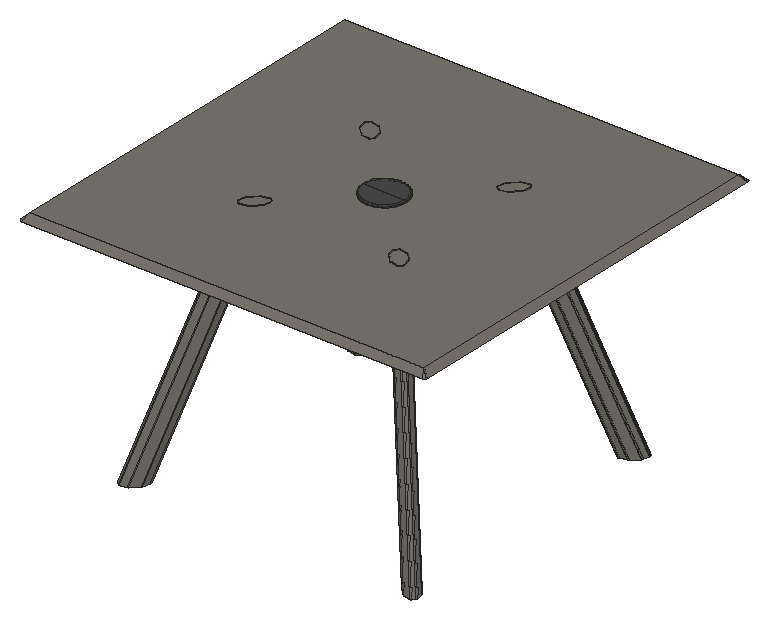
Revit family "Table-Square-Teknion-STBSQ_Qui_With_Power-R2014", category Furniture, Revit 2014
Parameters (values of type "25.5" High")
  Width = 42.000"
  Warranty = "https://d2r72yk5wmppdj.cloudfront.net/m/3754bc876d846fdf/StudioTK--Warranty.pdf"
  Voltage = 125 V  # constant formula
  Unit Weight = 85.00 lbf  # constant formula
  URL = "www.studiotk.com"
  Table Finish [instance] = Wood - Teknion - DY - Cocoa Brown
  Series = "Studio"
  Product Line = "Qui"
  Product Documentation Link = "https://d2r72yk5wmppdj.cloudfront.net/m/6a067d0f21732b57/Qui_Tables_ppg.pdf"
  Power Finish [instance] = Plastic - StudioTK - 8B - Ebony
  Power Factor = 1  # constant formula
  Part Number = "STBSQ"
  Number of Poles = 1
  Model = "STBSQE25P"
  Manufacturer Phone = "919-464-2920"
  Manufacturer Fax = "919-464-2927"
  Manufacturer Email = "customersupport@studiotk.com"
  Manufacturer Address = "3941 US 70 Business HWY West, Clayton, NC 27520"
  Manufacturer = "StudioTK"  # constant formula
  Low Emitting Material = yes
  Low Emitting Finish = yes
  Height = 25.500"
  Description = "Qui Square Table With Power, 42\"w / 107cm, 25.5\"h / 65cm"
  Depth = 42.000"
  Connector Description = "Power Connector"  # constant formula
  Assembly Code = "E2020200"
  Apparent Load = 1250 VA  # constant formula
Reference planes (in)
  plane 1 "Center F/B": y = 0
  plane 2: z = 0
  plane 3 "Center L/R": x = 0
  plane 4 "Left": x = -21
  plane 5 "Right": x = 21
  plane 6 "Back": y = 21
  plane 7 "Front": y = -21
  plane 8 "Top": z = 25.5
  plane 9 "Table Base": z = 24.875
  plane 10 "Table Bottom": z = 23.375
  plane 11 "Leg Top": z = 25.525
  plane 12 "Leg Bottom": z = -3.5
Forms (in)
  Blend 1, solid, material "Wood - Teknion - DY - Cocoa Brown" <- "Table Finish"
    base sketch origin (0, 0, 24.875) x (-1, 0, 0) y (0, -1, 0)
      loop
        arc (20.75, -21) -> (20.92678, -20.92678) -> (21, -20.75) r 0.25
        line (21, -20.75) -> (21, 20.75)
        arc (21, 20.75) -> (20.92678, 20.92678) -> (20.75, 21) r 0.25
        line (20.75, 21) -> (-20.75, 21)
        arc (-20.75, 21) -> (-20.92678, 20.92678) -> (-21, 20.75) r 0.25
        line (-21, 20.75) -> (-21, -20.75)
        arc (-21, -20.75) -> (-20.92678, -20.92678) -> (-20.75, -21) r 0.25
        line (-20.75, -21) -> (20.75, -21)
    top sketch origin (0, 0, 25.5) x (-1, 0, 0) y (0, -1, 0)
      loop
        line (-20.375, -20.375) -> (20.375, -20.375) -> (20.375, 20.375) -> (-20.375, 20.375) -> (-20.375, -20.375)
    from 0 to 0
  Blend 2, solid, material "Wood - Teknion - DY - Cocoa Brown" <- "Table Finish"
    base sketch origin (0, 0, 23.375) x (-1, 0, 0) y (0, -1, 0)
      loop
        line (12, -12) -> (12, 12) -> (-12, 12) -> (-12, -12) -> (12, -12)
    top sketch origin (0, 0, 23.375) x (-1, 0, 0) y (0, -1, 0)
      loop
        line (-13, -13) -> (13, -13) -> (13, 13) -> (-13, 13) -> (-13, -13)
    from 0 to 1.5
  Blend 3, solid, material "Wood - Teknion - DY - Cocoa Brown" <- "Table Finish"
    base sketch origin (0, 0, 0) x (0, -1, 0) y (1, 0, 0)
      loop
        line (-14.47833, 14.21984) -> (-14.21984, 14.47833)
        arc (-14.21984, 14.47833) -> (-14.18178, 14.54283) -> (-14.17965, 14.61769) r 0.15
        line (-14.17965, 14.61769) -> (-14.35355, 15.38163)
        arc (-14.35355, 15.38163) -> (-14.3685, 15.42085) -> (-14.39374, 15.4544) r 0.15
        line (-14.39374, 15.4544) -> (-15.13731, 16.19797)
        arc (-15.13731, 16.19797) -> (-15.17086, 16.22321) -> (-15.21008, 16.23816) r 0.15
        line (-15.21008, 16.23816) -> (-15.97402, 16.41206)
        arc (-15.97402, 16.41206) -> (-16.04888, 16.40993) -> (-16.11338, 16.37187) r 0.15
        line (-16.11338, 16.37187) -> (-16.37187, 16.11338)
        arc (-16.37187, 16.11338) -> (-16.40993, 16.04888) -> (-16.41206, 15.97402) r 0.15
        line (-16.41206, 15.97402) -> (-16.23816, 15.21008)
        arc (-16.23816, 15.21008) -> (-16.22321, 15.17086) -> (-16.19797, 15.13731) r 0.15
        line (-16.19797, 15.13731) -> (-15.4544, 14.39374)
        arc (-15.4544, 14.39374) -> (-15.42085, 14.3685) -> (-15.38163, 14.35355) r 0.15
        line (-15.38163, 14.35355) -> (-14.61769, 14.17965)
        arc (-14.61769, 14.17965) -> (-14.54283, 14.18178) -> (-14.47833, 14.21984) r 0.15
    top sketch origin (0, 0, 0) x (0, -1, 0) y (1, 0, 0)
      loop
        line (-8.36828, 7.30762) -> (-7.62471, 6.56405)
        arc (-7.62471, 6.56405) -> (-7.59117, 6.53881) -> (-7.55194, 6.52386) r 0.15
        line (-7.55194, 6.52386) -> (-6.788, 6.34996)
        arc (-6.788, 6.34996) -> (-6.71314, 6.3521) -> (-6.64865, 6.39016) r 0.15
        line (-6.64865, 6.39016) -> (-6.39016, 6.64865)
        arc (-6.39016, 6.64865) -> (-6.3521, 6.71314) -> (-6.34996, 6.788) r 0.15
        line (-6.34996, 6.788) -> (-6.52386, 7.55194)
        arc (-6.52386, 7.55194) -> (-6.53881, 7.59117) -> (-6.56405, 7.62471) r 0.15
        line (-6.56405, 7.62471) -> (-7.30762, 8.36828)
        arc (-7.30762, 8.36828) -> (-7.34117, 8.39352) -> (-7.3804, 8.40848) r 0.15
        line (-7.3804, 8.40848) -> (-8.14433, 8.58237)
        arc (-8.14433, 8.58237) -> (-8.21919, 8.58024) -> (-8.28369, 8.54218) r 0.15
        line (-8.28369, 8.54218) -> (-8.54218, 8.28369)
        arc (-8.54218, 8.28369) -> (-8.58024, 8.21919) -> (-8.58237, 8.14433) r 0.15
        line (-8.58237, 8.14433) -> (-8.40848, 7.3804)
        arc (-8.40848, 7.3804) -> (-8.39352, 7.34117) -> (-8.36828, 7.30762) r 0.15
    from -3.5 to 25.5
  Sweep 4, void
    path origin (0, 0, 0) x (1, 0, 0) y (0, 0, 1)
      loop
        line (0, 0) -> (0, -5)
    profile origin (0, 0, -2.5) x (0, -1, 0) y (1, 0, 0)
      loop
        line (-21, -21) -> (21, -21) -> (21, 21) -> (-21, 21) -> (-21, -21)
  Sweep 5, void
    path origin (0, 0, 0) x (1, 0, 0) y (0, 0, 1)
      loop
        line (0, 25.5) -> (0, 25.25)
    profile origin (0, 0, 25.375) x (0, -1, 0) y (1, 0, 0)
      loop
        line (7.37685, -8.42408) -> (8.14078, -8.59797)
        arc (8.14078, -8.59797) -> (8.22363, -8.59561) -> (8.295, -8.55349) r 0.166
        line (8.295, -8.55349) -> (8.55349, -8.295)
        arc (8.55349, -8.295) -> (8.59561, -8.22363) -> (8.59797, -8.14078) r 0.166
        line (8.59797, -8.14078) -> (8.42408, -7.37685)
        arc (8.42408, -7.37685) -> (8.40753, -7.33343) -> (8.3796, -7.29631) r 0.166
        line (8.3796, -7.29631) -> (7.63603, -6.55274)
        arc (7.63603, -6.55274) -> (7.5989, -6.52481) -> (7.55549, -6.50826) r 0.166
        line (7.55549, -6.50826) -> (6.79156, -6.33436)
        arc (6.79156, -6.33436) -> (6.70871, -6.33672) -> (6.63733, -6.37884) r 0.166
        line (6.63733, -6.37884) -> (6.37884, -6.63733)
        arc (6.37884, -6.63733) -> (6.33672, -6.70871) -> (6.33436, -6.79156) r 0.166
        line (6.33436, -6.79156) -> (6.50826, -7.55549)
        arc (6.50826, -7.55549) -> (6.52481, -7.5989) -> (6.55274, -7.63603) r 0.166
        line (6.55274, -7.63603) -> (7.29631, -8.3796)
        arc (7.29631, -8.3796) -> (7.33343, -8.40753) -> (7.37685, -8.42408) r 0.166
      loop
        line (-8.55349, -8.295) -> (-8.295, -8.55349)
        arc (-8.295, -8.55349) -> (-8.22363, -8.59561) -> (-8.14078, -8.59797) r 0.166
        line (-8.14078, -8.59797) -> (-7.37685, -8.42408)
        arc (-7.37685, -8.42408) -> (-7.33343, -8.40753) -> (-7.29631, -8.3796) r 0.166
        line (-7.29631, -8.3796) -> (-6.55274, -7.63603)
        arc (-6.55274, -7.63603) -> (-6.52481, -7.5989) -> (-6.50826, -7.55549) r 0.166
        line (-6.50826, -7.55549) -> (-6.33436, -6.79156)
        arc (-6.33436, -6.79156) -> (-6.33672, -6.70871) -> (-6.37884, -6.63733) r 0.166
        line (-6.37884, -6.63733) -> (-6.63733, -6.37884)
        arc (-6.63733, -6.37884) -> (-6.70871, -6.33672) -> (-6.79156, -6.33436) r 0.166
        line (-6.79156, -6.33436) -> (-7.55549, -6.50826)
        arc (-7.55549, -6.50826) -> (-7.5989, -6.52481) -> (-7.63603, -6.55274) r 0.166
        line (-7.63603, -6.55274) -> (-8.3796, -7.29631)
        arc (-8.3796, -7.29631) -> (-8.40753, -7.33343) -> (-8.42408, -7.37685) r 0.166
        line (-8.42408, -7.37685) -> (-8.59797, -8.14078)
        arc (-8.59797, -8.14078) -> (-8.59561, -8.22363) -> (-8.55349, -8.295) r 0.166
      loop
        line (-8.59797, 8.14078) -> (-8.42408, 7.37685)
        arc (-8.42408, 7.37685) -> (-8.40753, 7.33343) -> (-8.3796, 7.29631) r 0.166
        line (-8.3796, 7.29631) -> (-7.63603, 6.55274)
        arc (-7.63603, 6.55274) -> (-7.5989, 6.52481) -> (-7.55549, 6.50826) r 0.166
        line (-7.55549, 6.50826) -> (-6.79156, 6.33436)
        arc (-6.79156, 6.33436) -> (-6.70871, 6.33672) -> (-6.63733, 6.37884) r 0.166
        line (-6.63733, 6.37884) -> (-6.37884, 6.63733)
        arc (-6.37884, 6.63733) -> (-6.33672, 6.70871) -> (-6.33436, 6.79156) r 0.166
        line (-6.33436, 6.79156) -> (-6.50826, 7.55549)
        arc (-6.50826, 7.55549) -> (-6.52481, 7.5989) -> (-6.55274, 7.63603) r 0.166
        line (-6.55274, 7.63603) -> (-7.29631, 8.3796)
        arc (-7.29631, 8.3796) -> (-7.33343, 8.40753) -> (-7.37685, 8.42408) r 0.166
        line (-7.37685, 8.42408) -> (-8.14078, 8.59797)
        arc (-8.14078, 8.59797) -> (-8.22363, 8.59561) -> (-8.295, 8.55349) r 0.166
        line (-8.295, 8.55349) -> (-8.55349, 8.295)
        arc (-8.55349, 8.295) -> (-8.59561, 8.22363) -> (-8.59797, 8.14078) r 0.166
      loop
        line (8.42408, 7.37685) -> (8.59797, 8.14078)
        arc (8.59797, 8.14078) -> (8.59561, 8.22363) -> (8.55349, 8.295) r 0.166
        line (8.55349, 8.295) -> (8.295, 8.55349)
        arc (8.295, 8.55349) -> (8.22363, 8.59561) -> (8.14078, 8.59797) r 0.166
        line (8.14078, 8.59797) -> (7.37685, 8.42408)
        arc (7.37685, 8.42408) -> (7.33343, 8.40753) -> (7.29631, 8.3796) r 0.166
        line (7.29631, 8.3796) -> (6.55274, 7.63603)
        arc (6.55274, 7.63603) -> (6.52481, 7.5989) -> (6.50826, 7.55549) r 0.166
        line (6.50826, 7.55549) -> (6.33436, 6.79156)
        arc (6.33436, 6.79156) -> (6.33672, 6.70871) -> (6.37884, 6.63733) r 0.166
        line (6.37884, 6.63733) -> (6.63733, 6.37884)
        arc (6.63733, 6.37884) -> (6.70871, 6.33672) -> (6.79156, 6.33436) r 0.166
        line (6.79156, 6.33436) -> (7.55549, 6.50826)
        arc (7.55549, 6.50826) -> (7.5989, 6.52481) -> (7.63603, 6.55274) r 0.166
        line (7.63603, 6.55274) -> (8.3796, 7.29631)
        arc (8.3796, 7.29631) -> (8.40753, 7.33343) -> (8.42408, 7.37685) r 0.166
  Blend 6, solid, material "Wood - Teknion - DY - Cocoa Brown" <- "Table Finish"
    base sketch origin (0, 0, 0) x (0, 1, 0) y (-1, 0, 0)
      loop
        arc (-14.47833, -14.21984) -> (-14.54283, -14.18178) -> (-14.61769, -14.17965) r 0.15
        line (-14.61769, -14.17965) -> (-15.38163, -14.35355)
        arc (-15.38163, -14.35355) -> (-15.42085, -14.3685) -> (-15.4544, -14.39374) r 0.15
        line (-15.4544, -14.39374) -> (-16.19797, -15.13731)
        arc (-16.19797, -15.13731) -> (-16.22321, -15.17086) -> (-16.23816, -15.21008) r 0.15
        line (-16.23816, -15.21008) -> (-16.41206, -15.97402)
        arc (-16.41206, -15.97402) -> (-16.40993, -16.04888) -> (-16.37187, -16.11338) r 0.15
        line (-16.37187, -16.11338) -> (-16.11338, -16.37187)
        arc (-16.11338, -16.37187) -> (-16.04888, -16.40993) -> (-15.97402, -16.41206) r 0.15
        line (-15.97402, -16.41206) -> (-15.21008, -16.23816)
        arc (-15.21008, -16.23816) -> (-15.17086, -16.22321) -> (-15.13731, -16.19797) r 0.15
        line (-15.13731, -16.19797) -> (-14.39374, -15.4544)
        arc (-14.39374, -15.4544) -> (-14.3685, -15.42085) -> (-14.35355, -15.38163) r 0.15
        line (-14.35355, -15.38163) -> (-14.17965, -14.61769)
        arc (-14.17965, -14.61769) -> (-14.18178, -14.54283) -> (-14.21984, -14.47833) r 0.15
        line (-14.21984, -14.47833) -> (-14.47833, -14.21984)
    top sketch origin (0, 0, 0) x (0, 1, 0) y (-1, 0, 0)
      loop
        line (-6.39016, -6.64865) -> (-6.64865, -6.39016)
        arc (-6.64865, -6.39016) -> (-6.71314, -6.3521) -> (-6.788, -6.34996) r 0.15
        line (-6.788, -6.34996) -> (-7.55194, -6.52386)
        arc (-7.55194, -6.52386) -> (-7.59117, -6.53881) -> (-7.62471, -6.56405) r 0.15
        line (-7.62471, -6.56405) -> (-8.36828, -7.30762)
        arc (-8.36828, -7.30762) -> (-8.39352, -7.34117) -> (-8.40848, -7.3804) r 0.15
        line (-8.40848, -7.3804) -> (-8.58237, -8.14433)
        arc (-8.58237, -8.14433) -> (-8.58024, -8.21919) -> (-8.54218, -8.28369) r 0.15
        line (-8.54218, -8.28369) -> (-8.28369, -8.54218)
        arc (-8.28369, -8.54218) -> (-8.21919, -8.58024) -> (-8.14433, -8.58237) r 0.15
        line (-8.14433, -8.58237) -> (-7.3804, -8.40848)
        arc (-7.3804, -8.40848) -> (-7.34117, -8.39352) -> (-7.30762, -8.36828) r 0.15
        line (-7.30762, -8.36828) -> (-6.56405, -7.62471)
        arc (-6.56405, -7.62471) -> (-6.53881, -7.59117) -> (-6.52386, -7.55194) r 0.15
        line (-6.52386, -7.55194) -> (-6.34996, -6.788)
        arc (-6.34996, -6.788) -> (-6.3521, -6.71314) -> (-6.39016, -6.64865) r 0.15
    from -3.5 to 25.5
  Blend 7, solid, material "Wood - Teknion - DY - Cocoa Brown" <- "Table Finish"
    base sketch origin (0, 0, 0) x (1, 0, 0) y (0, 1, 0)
      loop
        arc (-14.47833, -14.21984) -> (-14.54283, -14.18178) -> (-14.61769, -14.17965) r 0.15
        line (-14.61769, -14.17965) -> (-15.38163, -14.35355)
        arc (-15.38163, -14.35355) -> (-15.42085, -14.3685) -> (-15.4544, -14.39374) r 0.15
        line (-15.4544, -14.39374) -> (-16.19797, -15.13731)
        arc (-16.19797, -15.13731) -> (-16.22321, -15.17086) -> (-16.23816, -15.21008) r 0.15
        line (-16.23816, -15.21008) -> (-16.41206, -15.97402)
        arc (-16.41206, -15.97402) -> (-16.40993, -16.04888) -> (-16.37187, -16.11338) r 0.15
        line (-16.37187, -16.11338) -> (-16.11338, -16.37187)
        arc (-16.11338, -16.37187) -> (-16.04888, -16.40993) -> (-15.97402, -16.41206) r 0.15
        line (-15.97402, -16.41206) -> (-15.21008, -16.23816)
        arc (-15.21008, -16.23816) -> (-15.17086, -16.22321) -> (-15.13731, -16.19797) r 0.15
        line (-15.13731, -16.19797) -> (-14.39374, -15.4544)
        arc (-14.39374, -15.4544) -> (-14.3685, -15.42085) -> (-14.35355, -15.38163) r 0.15
        line (-14.35355, -15.38163) -> (-14.17965, -14.61769)
        arc (-14.17965, -14.61769) -> (-14.18178, -14.54283) -> (-14.21984, -14.47833) r 0.15
        line (-14.21984, -14.47833) -> (-14.47833, -14.21984)
    top sketch origin (0, 0, 0) x (1, 0, 0) y (0, 1, 0)
      loop
        arc (-6.64865, -6.39016) -> (-6.71314, -6.3521) -> (-6.788, -6.34996) r 0.15
        line (-6.788, -6.34996) -> (-7.55194, -6.52386)
        arc (-7.55194, -6.52386) -> (-7.59117, -6.53881) -> (-7.62471, -6.56405) r 0.15
        line (-7.62471, -6.56405) -> (-8.36828, -7.30762)
        arc (-8.36828, -7.30762) -> (-8.39352, -7.34117) -> (-8.40848, -7.3804) r 0.15
        line (-8.40848, -7.3804) -> (-8.58237, -8.14433)
        arc (-8.58237, -8.14433) -> (-8.58024, -8.21919) -> (-8.54218, -8.28369) r 0.15
        line (-8.54218, -8.28369) -> (-8.28369, -8.54218)
        arc (-8.28369, -8.54218) -> (-8.21919, -8.58024) -> (-8.14433, -8.58237) r 0.15
        line (-8.14433, -8.58237) -> (-7.3804, -8.40848)
        arc (-7.3804, -8.40848) -> (-7.34117, -8.39352) -> (-7.30762, -8.36828) r 0.15
        line (-7.30762, -8.36828) -> (-6.56405, -7.62471)
        arc (-6.56405, -7.62471) -> (-6.53881, -7.59117) -> (-6.52386, -7.55194) r 0.15
        line (-6.52386, -7.55194) -> (-6.34996, -6.788)
        arc (-6.34996, -6.788) -> (-6.3521, -6.71314) -> (-6.39016, -6.64865) r 0.15
        line (-6.39016, -6.64865) -> (-6.64865, -6.39016)
    from -3.5 to 25.5
  Blend 8, solid, material "Wood - Teknion - DY - Cocoa Brown" <- "Table Finish"
    base sketch origin (0, 0, 0) x (0, -1, 0) y (1, 0, 0)
      loop
        arc (-14.47833, -14.21984) -> (-14.54283, -14.18178) -> (-14.61769, -14.17965) r 0.15
        line (-14.61769, -14.17965) -> (-15.38163, -14.35355)
        arc (-15.38163, -14.35355) -> (-15.42085, -14.3685) -> (-15.4544, -14.39374) r 0.15
        line (-15.4544, -14.39374) -> (-16.19797, -15.13731)
        arc (-16.19797, -15.13731) -> (-16.22321, -15.17086) -> (-16.23816, -15.21008) r 0.15
        line (-16.23816, -15.21008) -> (-16.41206, -15.97402)
        arc (-16.41206, -15.97402) -> (-16.40993, -16.04888) -> (-16.37187, -16.11338) r 0.15
        line (-16.37187, -16.11338) -> (-16.11338, -16.37187)
        arc (-16.11338, -16.37187) -> (-16.04888, -16.40993) -> (-15.97402, -16.41206) r 0.15
        line (-15.97402, -16.41206) -> (-15.21008, -16.23816)
        arc (-15.21008, -16.23816) -> (-15.17086, -16.22321) -> (-15.13731, -16.19797) r 0.15
        line (-15.13731, -16.19797) -> (-14.39374, -15.4544)
        arc (-14.39374, -15.4544) -> (-14.3685, -15.42085) -> (-14.35355, -15.38163) r 0.15
        line (-14.35355, -15.38163) -> (-14.17965, -14.61769)
        arc (-14.17965, -14.61769) -> (-14.18178, -14.54283) -> (-14.21984, -14.47833) r 0.15
        line (-14.21984, -14.47833) -> (-14.47833, -14.21984)
    top sketch origin (0, 0, 0) x (0, -1, 0) y (1, 0, 0)
      loop
        arc (-6.64865, -6.39016) -> (-6.71314, -6.3521) -> (-6.788, -6.34996) r 0.15
        line (-6.788, -6.34996) -> (-7.55194, -6.52386)
        arc (-7.55194, -6.52386) -> (-7.59117, -6.53881) -> (-7.62471, -6.56405) r 0.15
        line (-7.62471, -6.56405) -> (-8.36828, -7.30762)
        arc (-8.36828, -7.30762) -> (-8.39352, -7.34117) -> (-8.40848, -7.3804) r 0.15
        line (-8.40848, -7.3804) -> (-8.58237, -8.14433)
        arc (-8.58237, -8.14433) -> (-8.58024, -8.21919) -> (-8.54218, -8.28369) r 0.15
        line (-8.54218, -8.28369) -> (-8.28369, -8.54218)
        arc (-8.28369, -8.54218) -> (-8.21919, -8.58024) -> (-8.14433, -8.58237) r 0.15
        line (-8.14433, -8.58237) -> (-7.3804, -8.40848)
        arc (-7.3804, -8.40848) -> (-7.34117, -8.39352) -> (-7.30762, -8.36828) r 0.15
        line (-7.30762, -8.36828) -> (-6.56405, -7.62471)
        arc (-6.56405, -7.62471) -> (-6.53881, -7.59117) -> (-6.52386, -7.55194) r 0.15
        line (-6.52386, -7.55194) -> (-6.34996, -6.788)
        arc (-6.34996, -6.788) -> (-6.3521, -6.71314) -> (-6.39016, -6.64865) r 0.15
        line (-6.39016, -6.64865) -> (-6.64865, -6.39016)
    from -3.5 to 25.5
  Sweep 9, void
    path origin (0, 0, 0) x (1, 0, 0) y (0, 0, 1)
      loop
        line (0, 0) -> (0, -3.5)
    profile origin (0, 0, -1.75) x (0, -1, 0) y (1, 0, 0)
      loop
        line (-21, -21) -> (21, -21) -> (21, 21) -> (-21, 21) -> (-21, -21)
Cuts and joins
  Sweep 4, Sweep 9 cuts Blend 3
  Sweep 5 cuts Blend 1
  Sweep 9 cuts Blend 8
  Sweep 9 cuts Blend 7
  Sweep 9 cuts Blend 6
Lines and regions (in)
  Masking region 1
    outline origin (0, 0, 25.525) x (0, -1, 0) y (1, 0, 0)
      loop
        line (-21, -21) -> (21, -21) -> (21, 21) -> (-21, 21) -> (-21, -21)
  symbolic lines, detail levels medium+fine
    curve 1: line (20.375, 20.375, 25.525) -> (-20.375, 20.375, 25.525)
    curve 2: line (-20.375, 20.375, 25.525) -> (-20.375, -20.375, 25.525)
    curve 3: line (-20.375, -20.375, 25.525) -> (20.375, -20.375, 25.525)
    curve 4: line (20.375, -20.375, 25.525) -> (20.375, 20.375, 25.525)
    curve 5: line (-8.28369, 8.54218, 25.525) -> (-8.54218, 8.28369, 25.525)
    curve 6: arc (-8.14433, 8.58237, 25.525) -> (-8.21919, 8.58024, 25.525) -> (-8.28369, 8.54218, 25.525) r 0.15
    curve 7: line (-7.3804, 8.40848, 25.525) -> (-8.14433, 8.58237, 25.525)
    curve 8: arc (-7.30762, 8.36828, 25.525) -> (-7.34117, 8.39352, 25.525) -> (-7.3804, 8.40848, 25.525) r 0.15
    curve 9: line (-6.56405, 7.62471, 25.525) -> (-7.30762, 8.36828, 25.525)
    curve 10: arc (-6.52386, 7.55194, 25.525) -> (-6.53881, 7.59117, 25.525) -> (-6.56405, 7.62471, 25.525) r 0.15
    curve 11: line (-6.34996, 6.788, 25.525) -> (-6.52386, 7.55194, 25.525)
    curve 12: arc (-6.39016, 6.64865, 25.525) -> (-6.3521, 6.71314, 25.525) -> (-6.34996, 6.788, 25.525) r 0.15
    curve 13: line (-6.64865, 6.39016, 25.525) -> (-6.39016, 6.64865, 25.525)
    curve 14: arc (-6.788, 6.34996, 25.525) -> (-6.71314, 6.3521, 25.525) -> (-6.64865, 6.39016, 25.525) r 0.15
    curve 15: line (-7.55194, 6.52386, 25.525) -> (-6.788, 6.34996, 25.525)
    curve 16: arc (-7.62471, 6.56405, 25.525) -> (-7.59117, 6.53881, 25.525) -> (-7.55194, 6.52386, 25.525) r 0.15
    curve 17: line (-8.36828, 7.30762, 25.525) -> (-7.62471, 6.56405, 25.525)
    curve 18: arc (-8.40848, 7.3804, 25.525) -> (-8.39352, 7.34117, 25.525) -> (-8.36828, 7.30762, 25.525) r 0.15
    curve 19: line (-8.58237, 8.14433, 25.525) -> (-8.40848, 7.3804, 25.525)
    curve 20: arc (-8.54218, 8.28369, 25.525) -> (-8.58024, 8.21919, 25.525) -> (-8.58237, 8.14433, 25.525) r 0.15
    curve 21: line (7.30762, 8.36828, 25.525) -> (6.56405, 7.62471, 25.525)
    curve 22: arc (7.3804, 8.40848, 25.525) -> (7.34117, 8.39352, 25.525) -> (7.30762, 8.36828, 25.525) r 0.15
    curve 23: line (8.14433, 8.58237, 25.525) -> (7.3804, 8.40848, 25.525)
    curve 24: arc (8.28369, 8.54218, 25.525) -> (8.21919, 8.58024, 25.525) -> (8.14433, 8.58237, 25.525) r 0.15
    curve 25: line (8.54218, 8.28369, 25.525) -> (8.28369, 8.54218, 25.525)
    curve 26: arc (8.58237, 8.14433, 25.525) -> (8.58024, 8.21919, 25.525) -> (8.54218, 8.28369, 25.525) r 0.15
    curve 27: line (8.40848, 7.3804, 25.525) -> (8.58237, 8.14433, 25.525)
    curve 28: arc (8.36828, 7.30762, 25.525) -> (8.39352, 7.34117, 25.525) -> (8.40848, 7.3804, 25.525) r 0.15
    curve 29: line (7.62471, 6.56405, 25.525) -> (8.36828, 7.30762, 25.525)
    curve 30: arc (7.55194, 6.52386, 25.525) -> (7.59117, 6.53881, 25.525) -> (7.62471, 6.56405, 25.525) r 0.15
    curve 31: line (6.788, 6.34996, 25.525) -> (7.55194, 6.52386, 25.525)
    curve 32: arc (6.64865, 6.39016, 25.525) -> (6.71314, 6.3521, 25.525) -> (6.788, 6.34996, 25.525) r 0.15
    curve 33: line (6.39016, 6.64865, 25.525) -> (6.64865, 6.39016, 25.525)
    curve 34: arc (6.34996, 6.788, 25.525) -> (6.3521, 6.71314, 25.525) -> (6.39016, 6.64865, 25.525) r 0.15
    curve 35: line (6.52386, 7.55194, 25.525) -> (6.34996, 6.788, 25.525)
    curve 36: arc (6.56405, 7.62471, 25.525) -> (6.53881, 7.59117, 25.525) -> (6.52386, 7.55194, 25.525) r 0.15
    curve 37: line (6.64865, -6.39016, 25.525) -> (6.39016, -6.64865, 25.525)
    curve 38: arc (6.788, -6.34996, 25.525) -> (6.71314, -6.3521, 25.525) -> (6.64865, -6.39016, 25.525) r 0.15
    curve 39: line (7.55194, -6.52386, 25.525) -> (6.788, -6.34996, 25.525)
    curve 40: arc (7.62471, -6.56405, 25.525) -> (7.59117, -6.53881, 25.525) -> (7.55194, -6.52386, 25.525) r 0.15
    curve 41: line (8.36828, -7.30762, 25.525) -> (7.62471, -6.56405, 25.525)
    curve 42: arc (8.40848, -7.3804, 25.525) -> (8.39352, -7.34117, 25.525) -> (8.36828, -7.30762, 25.525) r 0.15
    curve 43: line (8.58237, -8.14433, 25.525) -> (8.40848, -7.3804, 25.525)
    curve 44: arc (8.54218, -8.28369, 25.525) -> (8.58024, -8.21919, 25.525) -> (8.58237, -8.14433, 25.525) r 0.15
    curve 45: line (8.28369, -8.54218, 25.525) -> (8.54218, -8.28369, 25.525)
    curve 46: arc (8.14433, -8.58237, 25.525) -> (8.21919, -8.58024, 25.525) -> (8.28369, -8.54218, 25.525) r 0.15
    curve 47: line (7.3804, -8.40848, 25.525) -> (8.14433, -8.58237, 25.525)
    curve 48: arc (7.30762, -8.36828, 25.525) -> (7.34117, -8.39352, 25.525) -> (7.3804, -8.40848, 25.525) r 0.15
    curve 49: line (6.56405, -7.62471, 25.525) -> (7.30762, -8.36828, 25.525)
    curve 50: arc (6.52386, -7.55194, 25.525) -> (6.53881, -7.59117, 25.525) -> (6.56405, -7.62471, 25.525) r 0.15
    curve 51: line (6.34996, -6.788, 25.525) -> (6.52386, -7.55194, 25.525)
    curve 52: arc (6.39016, -6.64865, 25.525) -> (6.3521, -6.71314, 25.525) -> (6.34996, -6.788, 25.525) r 0.15
    curve 53: line (-6.39016, -6.64865, 25.525) -> (-6.64865, -6.39016, 25.525)
    curve 54: arc (-6.34996, -6.788, 25.525) -> (-6.3521, -6.71314, 25.525) -> (-6.39016, -6.64865, 25.525) r 0.15
    curve 55: line (-6.52386, -7.55194, 25.525) -> (-6.34996, -6.788, 25.525)
    curve 56: arc (-6.56405, -7.62471, 25.525) -> (-6.53881, -7.59117, 25.525) -> (-6.52386, -7.55194, 25.525) r 0.15
    curve 57: line (-7.30762, -8.36828, 25.525) -> (-6.56405, -7.62471, 25.525)
    curve 58: arc (-7.3804, -8.40848, 25.525) -> (-7.34117, -8.39352, 25.525) -> (-7.30762, -8.36828, 25.525) r 0.15
    curve 59: line (-8.14433, -8.58237, 25.525) -> (-7.3804, -8.40848, 25.525)
    curve 60: arc (-8.28369, -8.54218, 25.525) -> (-8.21919, -8.58024, 25.525) -> (-8.14433, -8.58237, 25.525) r 0.15
    curve 61: line (-8.54218, -8.28369, 25.525) -> (-8.28369, -8.54218, 25.525)
    curve 62: arc (-8.58237, -8.14433, 25.525) -> (-8.58024, -8.21919, 25.525) -> (-8.54218, -8.28369, 25.525) r 0.15
    curve 63: line (-8.40848, -7.3804, 25.525) -> (-8.58237, -8.14433, 25.525)
    curve 64: arc (-8.36828, -7.30762, 25.525) -> (-8.39352, -7.34117, 25.525) -> (-8.40848, -7.3804, 25.525) r 0.15
    curve 65: line (-7.62471, -6.56405, 25.525) -> (-8.36828, -7.30762, 25.525)
    curve 66: arc (-7.55194, -6.52386, 25.525) -> (-7.59117, -6.53881, 25.525) -> (-7.62471, -6.56405, 25.525) r 0.15
    curve 67: line (-6.788, -6.34996, 25.525) -> (-7.55194, -6.52386, 25.525)
    curve 68: arc (-6.64865, -6.39016, 25.525) -> (-6.71314, -6.3521, 25.525) -> (-6.788, -6.34996, 25.525) r 0.15
  symbolic lines, detail levels fine
    curve 69: line (13, 13, 25.525) -> (-13, 13, 25.525)
    curve 70: line (-12, 12, 25.525) -> (12, 12, 25.525)
    curve 71: line (-12, -12, 25.525) -> (-12, 12, 25.525)
    curve 72: line (-13, 13, 25.525) -> (-13, -13, 25.525)
    curve 73: line (12, -12, 25.525) -> (-12, -12, 25.525)
    curve 74: line (-13, -13, 25.525) -> (13, -13, 25.525)
    curve 75: line (12, 12, 25.525) -> (12, -12, 25.525)
    curve 76: line (13, -13, 25.525) -> (13, 13, 25.525)
    curve 77: line (7.30762, 8.36828, 25.525) -> (15.13731, 16.19797, 25.525)
    curve 78: line (16.19797, 15.13731, 25.525) -> (8.36828, 7.30762, 25.525)
    curve 79: arc (15.13731, 16.19797, 25.525) -> (15.17086, 16.22321, 25.525) -> (15.21008, 16.23816, 25.525) r 0.15
    curve 80: line (15.21008, 16.23816, 25.525) -> (15.97402, 16.41206, 25.525)
    curve 81: arc (15.97402, 16.41206, 25.525) -> (16.04888, 16.40993, 25.525) -> (16.11338, 16.37187, 25.525) r 0.15
    curve 82: line (16.11338, 16.37187, 25.525) -> (16.37187, 16.11338, 25.525)
    curve 83: arc (16.37187, 16.11338, 25.525) -> (16.40993, 16.04888, 25.525) -> (16.41206, 15.97402, 25.525) r 0.15
    curve 84: line (16.41206, 15.97402, 25.525) -> (16.23816, 15.21008, 25.525)
    curve 85: arc (16.23816, 15.21008, 25.525) -> (16.22321, 15.17086, 25.525) -> (16.19797, 15.13731, 25.525) r 0.15
    curve 86: arc (15.4544, 14.39374, 25.525) -> (15.42085, 14.3685, 25.525) -> (15.38163, 14.35355, 25.525) r 0.15
    curve 87: line (15.38163, 14.35355, 25.525) -> (14.61769, 14.17965, 25.525)
    curve 88: arc (14.61769, 14.17965, 25.525) -> (14.54283, 14.18178, 25.525) -> (14.47833, 14.21984, 25.525) r 0.15
    curve 89: line (14.47833, 14.21984, 25.525) -> (14.21984, 14.47833, 25.525)
    curve 90: arc (14.21984, 14.47833, 25.525) -> (14.18178, 14.54283, 25.525) -> (14.17965, 14.61769, 25.525) r 0.15
    curve 91: line (14.17965, 14.61769, 25.525) -> (14.35355, 15.38163, 25.525)
    curve 92: arc (14.35355, 15.38163, 25.525) -> (14.3685, 15.42085, 25.525) -> (14.39374, 15.4544, 25.525) r 0.15
    curve 93: line (8.36828, -7.30762, 25.525) -> (16.19797, -15.13731, 25.525)
    curve 94: arc (16.19797, -15.13731, 25.525) -> (16.22321, -15.17086, 25.525) -> (16.23816, -15.21008, 25.525) r 0.15
    curve 95: line (16.23816, -15.21008, 25.525) -> (16.41206, -15.97402, 25.525)
    curve 96: arc (16.41206, -15.97402, 25.525) -> (16.40993, -16.04888, 25.525) -> (16.37187, -16.11338, 25.525) r 0.15
    curve 97: line (16.37187, -16.11338, 25.525) -> (16.11338, -16.37187, 25.525)
    curve 98: arc (16.11338, -16.37187, 25.525) -> (16.04888, -16.40993, 25.525) -> (15.97402, -16.41206, 25.525) r 0.15
    curve 99: line (15.97402, -16.41206, 25.525) -> (15.21008, -16.23816, 25.525)
    curve 100: arc (15.21008, -16.23816, 25.525) -> (15.17086, -16.22321, 25.525) -> (15.13731, -16.19797, 25.525) r 0.15
    curve 101: line (15.13731, -16.19797, 25.525) -> (7.30762, -8.36828, 25.525)
    curve 102: arc (14.39374, -15.4544, 25.525) -> (14.3685, -15.42085, 25.525) -> (14.35355, -15.38163, 25.525) r 0.15
    curve 103: line (14.35355, -15.38163, 25.525) -> (14.17965, -14.61769, 25.525)
    curve 104: arc (14.17965, -14.61769, 25.525) -> (14.18178, -14.54283, 25.525) -> (14.21984, -14.47833, 25.525) r 0.15
    curve 105: line (14.21984, -14.47833, 25.525) -> (14.47833, -14.21984, 25.525)
    curve 106: arc (14.47833, -14.21984, 25.525) -> (14.54283, -14.18178, 25.525) -> (14.61769, -14.17965, 25.525) r 0.15
    curve 107: line (14.61769, -14.17965, 25.525) -> (15.38163, -14.35355, 25.525)
    curve 108: arc (15.38163, -14.35355, 25.525) -> (15.42085, -14.3685, 25.525) -> (15.4544, -14.39374, 25.525) r 0.15
    curve 109: line (-16.19797, -15.13731, 25.525) -> (-8.36828, -7.30762, 25.525)
    curve 110: line (-7.30762, -8.36828, 25.525) -> (-15.13731, -16.19797, 25.525)
    curve 111: arc (-15.13731, -16.19797, 25.525) -> (-15.17086, -16.22321, 25.525) -> (-15.21008, -16.23816, 25.525) r 0.15
    curve 112: line (-15.21008, -16.23816, 25.525) -> (-15.97402, -16.41206, 25.525)
    curve 113: arc (-15.97402, -16.41206, 25.525) -> (-16.04888, -16.40993, 25.525) -> (-16.11338, -16.37187, 25.525) r 0.15
    curve 114: line (-16.11338, -16.37187, 25.525) -> (-16.37187, -16.11338, 25.525)
    curve 115: arc (-16.37187, -16.11338, 25.525) -> (-16.40993, -16.04888, 25.525) -> (-16.41206, -15.97402, 25.525) r 0.15
    curve 116: line (-16.41206, -15.97402, 25.525) -> (-16.23816, -15.21008, 25.525)
    curve 117: arc (-16.23816, -15.21008, 25.525) -> (-16.22321, -15.17086, 25.525) -> (-16.19797, -15.13731, 25.525) r 0.15
    curve 118: arc (-15.4544, -14.39374, 25.525) -> (-15.42085, -14.3685, 25.525) -> (-15.38163, -14.35355, 25.525) r 0.15
    curve 119: line (-15.38163, -14.35355, 25.525) -> (-14.61769, -14.17965, 25.525)
    curve 120: arc (-14.61769, -14.17965, 25.525) -> (-14.54283, -14.18178, 25.525) -> (-14.47833, -14.21984, 25.525) r 0.15
    curve 121: line (-14.47833, -14.21984, 25.525) -> (-14.21984, -14.47833, 25.525)
    curve 122: arc (-14.21984, -14.47833, 25.525) -> (-14.18178, -14.54283, 25.525) -> (-14.17965, -14.61769, 25.525) r 0.15
    curve 123: line (-14.17965, -14.61769, 25.525) -> (-14.35355, -15.38163, 25.525)
    curve 124: arc (-14.35355, -15.38163, 25.525) -> (-14.3685, -15.42085, 25.525) -> (-14.39374, -15.4544, 25.525) r 0.15
    curve 125: line (-14.35355, 15.38163, 25.525) -> (-14.17965, 14.61769, 25.525)
    curve 126: arc (-14.17965, 14.61769, 25.525) -> (-14.18178, 14.54283, 25.525) -> (-14.21984, 14.47833, 25.525) r 0.15
    curve 127: line (-14.21984, 14.47833, 25.525) -> (-14.47833, 14.21984, 25.525)
    curve 128: arc (-14.47833, 14.21984, 25.525) -> (-14.54283, 14.18178, 25.525) -> (-14.61769, 14.17965, 25.525) r 0.15
    curve 129: line (-14.61769, 14.17965, 25.525) -> (-15.38163, 14.35355, 25.525)
    curve 130: arc (-15.38163, 14.35355, 25.525) -> (-15.42085, 14.3685, 25.525) -> (-15.4544, 14.39374, 25.525) r 0.15
    curve 131: line (-8.36828, 7.30762, 25.525) -> (-16.19797, 15.13731, 25.525)
    curve 132: arc (-16.19797, 15.13731, 25.525) -> (-16.22321, 15.17086, 25.525) -> (-16.23816, 15.21008, 25.525) r 0.15
    curve 133: line (-16.23816, 15.21008, 25.525) -> (-16.41206, 15.97402, 25.525)
    curve 134: arc (-16.41206, 15.97402, 25.525) -> (-16.40993, 16.04888, 25.525) -> (-16.37187, 16.11338, 25.525) r 0.15
    curve 135: line (-16.37187, 16.11338, 25.525) -> (-16.11338, 16.37187, 25.525)
    curve 136: arc (-16.11338, 16.37187, 25.525) -> (-16.04888, 16.40993, 25.525) -> (-15.97402, 16.41206, 25.525) r 0.15
    curve 137: line (-15.97402, 16.41206, 25.525) -> (-15.21008, 16.23816, 25.525)
    curve 138: arc (-15.21008, 16.23816, 25.525) -> (-15.17086, 16.22321, 25.525) -> (-15.13731, 16.19797, 25.525) r 0.15
    curve 139: line (-15.13731, 16.19797, 25.525) -> (-7.30762, 8.36828, 25.525)
    curve 140: arc (-14.39374, 15.4544, 25.525) -> (-14.3685, 15.42085, 25.525) -> (-14.35355, 15.38163, 25.525) r 0.15
Dimensions and locks (in)
  "Height": plane 8 "Top" to plane 2
  equal spacing: plane 4 "Left", plane 3 "Center L/R", plane 5 "Right"
  "Width": plane 4 "Left" to plane 5 "Right"
  equal spacing: plane 6 "Back", plane 1 "Center F/B", plane 7 "Front"
  "Depth": plane 6 "Back" to plane 7 "Front"
  plane 8 "Top" to plane 9 "Table Base" to plane 10 "Table Bottom" = 0.625" locked, 1.500" locked
  locked: Blend 1 sketch curve to plane 5 "Right" at 0.625
  locked: plane 4 "Left" to Blend 1 sketch curve at 0.625
  locked: plane 6 "Back" to Blend 1 sketch curve at 0.625
  locked: plane 7 "Front" to Blend 1 sketch curve at 0.625
  locked: plane 6 "Back" to Blend 2 sketch curve at 9
  locked: plane 7 "Front" to Blend 2 sketch curve at 9
  locked: Blend 2 sketch curve to plane 5 "Right" at 9
  locked: plane 4 "Left" to Blend 2 sketch curve at 9
  locked: plane 4 "Left" to Blend 2 sketch curve at 8
  locked: Blend 2 sketch curve to plane 5 "Right" at 8
  locked: plane 6 "Back" to Blend 2 sketch curve at 8
  locked: plane 7 "Front" to Blend 2 sketch curve at 8
  locked: plane 11 "Leg Top" to plane 8 "Top" at 0.025
  locked: Blend 3 sketch curve to Blend 3 sketch curve at 1.5  (x2)
  locked: Blend 3 sketch curve to Blend 3 sketch curve at 2.67786
  locked: Blend 3 sketch curve to Blend 3 sketch curve at 1.87568  (x2)
  locked: plane 8 "Top" to plane 12 "Leg Bottom" at 29
  locked: plane 2 to Sweep 4 sketch curve at 5
  locked: plane 3 "Center L/R" to Blend 3 sketch curve at 20.29268
  locked: plane 3 "Center L/R" to Blend 3 sketch curve at 0.75
  locked: plane 8 "Top" to Sweep 5 sketch curve at 0.25
  Sweep 5 sketch curve to plane 3 "Center L/R" to Sweep 5 sketch curve = 8.60211" locked, 8.60211" locked  (x2)
  Sweep 5 sketch curve to plane 1 "Center F/B" to Sweep 5 sketch curve = 8.60211" locked, 8.60211" locked  (x2)
  locked: Blend 3 sketch curve to plane 5 "Right" at 14.65378
  locked: plane 6 "Back" to Blend 3 sketch curve at 14.65378
  locked: Blend 6 sketch curve to Blend 6 sketch curve at 1.5  (x2)
  locked: Blend 6 sketch curve to Blend 6 sketch curve at 2.67786  (x2)
  locked: Blend 6 sketch curve to Blend 6 sketch curve at 1.87568  (x4)
  locked: Blend 7 sketch curve to Blend 7 sketch curve at 1.5  (x2)
  locked: Blend 7 sketch curve to Blend 7 sketch curve at 2.67786  (x2)
  locked: Blend 7 sketch curve to Blend 7 sketch curve at 1.87568  (x4)
  locked: Blend 8 sketch curve to Blend 8 sketch curve at 1.5  (x2)
  locked: Blend 8 sketch curve to Blend 8 sketch curve at 2.67786  (x2)
  locked: Blend 8 sketch curve to Blend 8 sketch curve at 1.87568  (x4)
  locked: plane 4 "Left" to Blend 8 sketch curve at 14.65378
  locked: plane 6 "Back" to Blend 8 sketch curve at 14.65378
  locked: plane 7 "Front" to Blend 7 sketch curve at 14.65378
  locked: plane 4 "Left" to Blend 7 sketch curve at 14.65378
  locked: Blend 6 sketch curve to plane 5 "Right" at 14.65378
  locked: plane 7 "Front" to Blend 6 sketch curve at 14.65378
  locked: plane 2 to Sweep 9 sketch curve at 3.5
  aligned and locked: level to plane 2
  aligned and locked: Blend 1 sketch curve to plane 6 "Back"
  aligned and locked: Blend 1 sketch curve to plane 4 "Left"
  aligned and locked: Blend 1 sketch curve to plane 5 "Right"
  aligned and locked: Blend 1 sketch curve to plane 7 "Front"
  aligned and locked: plane 8 "Top" to Blend 1
  aligned and locked: Blend 1 to plane 9 "Table Base"
  aligned and locked: Blend 2 to plane 10 "Table Bottom"
  aligned and locked: plane 9 "Table Base" to Blend 2
  aligned and locked: plane 2 to Sweep 4 sketch curve
  aligned and locked: Sweep 4 sketch curve to plane 3 "Center L/R"
  aligned and locked: Sweep 4 sketch curve to plane 6 "Back"
  aligned and locked: plane 4 "Left" to Sweep 4 sketch curve
  aligned and locked: Sweep 4 sketch curve to plane 7 "Front"
  aligned and locked: Sweep 4 sketch curve to plane 5 "Right"
  aligned and locked: Masking region 1 sketch curve to plane 6 "Back"
  aligned and locked: Masking region 1 sketch curve to plane 7 "Front"
  aligned and locked: plane 4 "Left" to Masking region 1 sketch curve
  aligned and locked: Masking region 1 sketch curve to plane 5 "Right"
  aligned and locked: plane 8 "Top" to Blend 3
  aligned and locked: plane 8 "Top" to Sweep 5 sketch curve
  aligned and locked: Sweep 5 sketch curve to plane 3 "Center L/R"
  aligned and locked: plane 8 "Top" to Blend 7
  aligned and locked: plane 8 "Top" to Blend 8
  aligned and locked: plane 8 "Top" to Blend 6
  aligned and locked: plane 2 to Sweep 9 sketch curve
  aligned and locked: Sweep 9 sketch curve to plane 3 "Center L/R"
  aligned and locked: Sweep 9 sketch curve to plane 7 "Front"
  aligned and locked: Sweep 9 sketch curve to plane 5 "Right"
  aligned and locked: Sweep 9 sketch curve to plane 6 "Back"
  aligned and locked: plane 4 "Left" to Sweep 9 sketch curve
  aligned and locked: plane 3 "Center L/R" to nested 1
  aligned and locked: plane 8 "Top" to nested 1
  aligned and locked: plane 1 "Center F/B" to nested 1
Automatic sketch dimensions
  Blend 1 sketch curve to plane 5 "Right" = 0.250"
  Blend 1 sketch curve to plane 6 "Back" = 0.250"
  plane 4 "Left" to Blend 1 sketch curve = 0.250"  (x2)
  Blend 3 sketch curve to plane 6 "Back" = 4.58794"
  Blend 3 sketch curve to plane 5 "Right" = 6.82035"
  Blend 3 sketch curve to Blend 3 sketch curve = 0.04019"  (x13)
  Blend 3 sketch curve to Blend 3 sketch curve = 0.1739"  (x4)
  Blend 3 sketch curve to Blend 3 sketch curve = 0.25849"  (x6)
  Blend 3 sketch curve to Blend 3 sketch curve = 0.13936"  (x5)
  Blend 3 sketch curve to Blend 3 sketch curve = 0.74357"  (x5)
  Blend 3 sketch curve to Blend 3 sketch curve = 0.07277"  (x6)
  Blend 3 sketch curve to Blend 3 sketch curve = 0.76393"  (x5)
  Blend 3 sketch curve to plane 5 "Right" = 5.61837"
  Blend 3 sketch curve to plane 5 "Right" = 6.38231"
  Blend 3 sketch curve to Blend 3 sketch curve = 0.10607"  (x9)
  Blend 3 sketch curve to Blend 3 sketch curve = 0.14626"  (x4)
  Blend 3 sketch curve to Blend 3 sketch curve = 0.03329"  (x3)
  Blend 3 sketch curve to plane 1 "Center F/B" = 8.58237"
  plane 3 "Center L/R" to Blend 3 sketch curve = 6.34996"
  curve 1 to plane 6 "Back" = 0.625"
  plane 4 "Left" to curve 1 = 0.625"
  curve 80 to plane 6 "Back" = 4.58794"
  curve 137 to plane 6 "Back" = 4.58794"
  curve 81 to curve 82 = 0.04019"
  curve 136 to curve 135 = 0.04019"
  curve 81 to curve 80 = 0.1739"
  curve 137 to curve 137 = 0.1739"
  curve 79 to curve 77 = 0.04019"
  curve 137 to curve 139 = 0.04019"
  curve 81 to curve 82 = 0.25849"  (x2)
  curve 136 to curve 135 = 0.25849"
  curve 82 to curve 84 = 0.13936"
  curve 135 to curve 133 = 0.13936"
  curve 79 to curve 91 = 0.81634"
  curve 139 to curve 125 = 0.81634"
  curve 84 to curve 84 = 0.76393"
  curve 133 to curve 133 = 0.76393"
  curve 84 to curve 78 = 0.07277"
  curve 132 to curve 131 = 0.07277"
  curve 91 to curve 91 = 0.76393"
  curve 140 to curve 125 = 0.76393"
  curve 90 to curve 89 = 0.13936"
  curve 125 to curve 127 = 0.13936"
  curve 78 to curve 87 = 0.78376"
  curve 132 to curve 129 = 0.78376"
  curve 89 to curve 89 = 0.25849"  (x2)
  curve 127 to curve 127 = 0.25849"  (x2)
  curve 88 to curve 87 = 0.04019"
  curve 128 to curve 129 = 0.04019"
  curve 126 to curve 72 = 1.47833"
  curve 69 to curve 70 = 1.000"
  curve 70 to curve 23 = 3.41763"
  curve 70 to curve 7 = 3.41763"
  curve 23 to curve 25 = 0.04019"
  curve 6 to curve 5 = 0.04019"
  curve 23 to curve 23 = 0.1739"
  curve 7 to curve 7 = 0.1739"
  curve 22 to curve 77 = 0.04019"
  curve 7 to curve 9 = 0.04019"
  curve 24 to curve 25 = 0.25849"  (x2)
  curve 6 to curve 5 = 0.25849"
  curve 25 to curve 27 = 0.13936"
  curve 20 to curve 19 = 0.13936"
  curve 21 to curve 21 = 0.74357"
  curve 8 to curve 9 = 0.74357"  (x2)
  curve 36 to curve 35 = 0.07277"
  curve 9 to curve 11 = 0.07277"
  curve 26 to curve 27 = 0.76393"
  curve 19 to curve 19 = 0.76393"
  curve 28 to curve 29 = 0.07277"
  curve 19 to curve 17 = 0.07277"
  curve 36 to curve 35 = 0.76393"
  curve 10 to curve 11 = 0.76393"
  curve 35 to curve 33 = 0.13936"
  curve 11 to curve 13 = 0.13936"
  curve 28 to curve 29 = 0.74357"
  curve 17 to curve 17 = 0.74357"  (x2)
  curve 29 to curve 31 = 0.04019"
  curve 16 to curve 15 = 0.04019"
  curve 33 to curve 33 = 0.25849"  (x2)
  curve 12 to curve 13 = 0.25849"
  curve 33 to curve 31 = 0.04019"
  curve 13 to curve 15 = 0.04019"
  plane 1 "Center F/B" to curve 39 = 6.34996"
  plane 1 "Center F/B" to curve 67 = 6.34996"
  curve 38 to curve 37 = 0.04019"
  curve 67 to curve 53 = 0.04019"
  curve 38 to curve 39 = 0.1739"
  curve 67 to curve 67 = 0.1739"
  curve 39 to curve 41 = 0.04019"
  curve 66 to curve 65 = 0.04019"
  curve 37 to curve 37 = 0.25849"
  curve 53 to curve 53 = 0.25849"  (x2)
  curve 37 to curve 51 = 0.13936"
  curve 53 to curve 55 = 0.13936"
  curve 40 to curve 41 = 0.74357"  (x2)
  curve 65 to curve 65 = 0.74357"
  curve 42 to curve 43 = 0.07277"
  curve 64 to curve 63 = 0.07277"
  curve 52 to curve 51 = 0.76393"
  curve 54 to curve 55 = 0.76393"
  curve 50 to curve 49 = 0.07277"
  curve 55 to curve 57 = 0.07277"
  curve 43 to curve 43 = 0.76393"
  curve 63 to curve 63 = 0.76393"
  curve 43 to curve 45 = 0.13936"
  curve 62 to curve 61 = 0.13936"
  curve 49 to curve 49 = 0.74357"
  curve 56 to curve 110 = 0.74357"
  plane 3 "Center L/R" to curve 47 = 7.3804"
  curve 48 to curve 47 = 0.04019"
  curve 59 to plane 3 "Center L/R" = 7.3804"
  curve 110 to curve 59 = 0.04019"
  curve 44 to curve 45 = 0.25849"
  curve 61 to curve 61 = 0.25849"  (x2)
  curve 46 to curve 47 = 0.04019"
  curve 61 to curve 59 = 0.04019"
  curve 61 to curve 73 = 3.71631"
  curve 71 to curve 74 = 1.000"
  curve 74 to curve 107 = 1.17965"
  curve 72 to curve 119 = 1.17965"
  curve 106 to curve 105 = 0.04019"
  curve 119 to curve 121 = 0.04019"
  curve 106 to curve 107 = 0.1739"
  curve 119 to curve 119 = 0.1739"
  curve 105 to curve 105 = 0.25849"
  curve 120 to curve 121 = 0.25849"  (x2)
  curve 104 to curve 103 = 0.13936"
  curve 121 to curve 123 = 0.13936"
  curve 107 to curve 93 = 0.78376"
  curve 118 to curve 109 = 0.78376"
  curve 93 to curve 95 = 0.07277"
  curve 109 to curve 116 = 0.07277"
  curve 103 to curve 103 = 0.76393"
  curve 122 to curve 123 = 0.76393"
  curve 94 to curve 95 = 0.76393"
  curve 116 to curve 116 = 0.76393"
  curve 95 to curve 97 = 0.13936"
  curve 115 to curve 114 = 0.13936"
  curve 103 to curve 101 = 0.81634"
  curve 124 to curve 110 = 0.81634"
  curve 101 to curve 99 = 0.04019"
  curve 111 to curve 112 = 0.04019"
  curve 96 to curve 97 = 0.25849"
  curve 114 to curve 114 = 0.25849"  (x2)
  curve 97 to curve 99 = 0.04019"
  curve 113 to curve 112 = 0.04019"
  curve 3 to plane 7 "Front" = 0.625"
  curve 81 to curve 81 = 0.10607"
  curve 136 to curve 136 = 0.14626"
  curve 80 to curve 79 = 0.14626"
  curve 138 to curve 138 = 0.10607"
  curve 83 to curve 83 = 0.03329"
  curve 134 to curve 134 = 0.03329"
  curve 92 to curve 92 = 0.07277"
  curve 140 to curve 125 = 0.07277"
  curve 91 to curve 92 = 0.03329"
  curve 125 to curve 140 = 0.03329"
  curve 85 to curve 85 = 0.03329"
  curve 132 to curve 131 = 0.10607"
  curve 90 to curve 89 = 0.10607"
  curve 126 to curve 127 = 0.10607"
  curve 86 to curve 87 = 0.14626"
  curve 130 to curve 129 = 0.14626"
  curve 86 to curve 87 = 0.04019"
  curve 130 to curve 129 = 0.04019"
  curve 88 to curve 89 = 0.10607"
  curve 128 to curve 129 = 0.14626"
  curve 23 to curve 24 = 0.14626"
  curve 5 to curve 6 = 0.10607"
  curve 139 to curve 8 = 0.000"
  curve 77 to curve 22 = 0.10607"
  curve 8 to curve 8 = 0.10607"
  curve 26 to curve 26 = 0.03329"
  curve 20 to curve 19 = 0.03329"
  curve 21 to curve 36 = 0.10607"
  curve 10 to curve 10 = 0.03329"
  curve 28 to curve 28 = 0.10607"
  curve 18 to curve 19 = 0.03329"
  curve 29 to curve 78 = 0.000"  (x2)
  curve 17 to curve 131 = 0.000"
  curve 35 to curve 34 = 0.03329"
  curve 11 to curve 12 = 0.03329"
  curve 30 to curve 29 = 0.10607"
  curve 16 to curve 16 = 0.10607"
  curve 32 to curve 33 = 0.10607"
  curve 14 to curve 14 = 0.14626"
  curve 38 to curve 38 = 0.14626"
  curve 67 to curve 68 = 0.14626"
  curve 40 to curve 40 = 0.14626"
  curve 65 to curve 66 = 0.10607"
  curve 52 to curve 52 = 0.03329"
  curve 54 to curve 54 = 0.03329"
  curve 93 to curve 41 = 0.000"  (x2)
  curve 109 to curve 64 = 0.000"
  curve 93 to curve 42 = 0.10607"
  curve 64 to curve 64 = 0.10607"
  curve 50 to curve 49 = 0.10607"
  curve 56 to curve 55 = 0.03329"
  curve 43 to curve 44 = 0.03329"
  curve 62 to curve 61 = 0.10607"
  curve 48 to curve 48 = 0.10607"
  curve 58 to curve 110 = 0.10607"
  curve 46 to curve 47 = 0.14626"
  curve 60 to curve 60 = 0.10607"
  curve 106 to curve 106 = 0.14626"
  curve 120 to curve 120 = 0.10607"
  curve 107 to curve 108 = 0.04019"
  curve 118 to curve 118 = 0.04019"
  curve 107 to curve 108 = 0.14626"
  curve 118 to curve 118 = 0.10607"
  curve 104 to curve 104 = 0.03329"
  curve 122 to curve 123 = 0.03329"
  curve 94 to curve 94 = 0.03329"
  curve 109 to curve 117 = 0.10607"
  curve 102 to curve 102 = 0.03329"
  curve 124 to curve 124 = 0.03329"
  curve 103 to curve 102 = 0.07277"
  curve 124 to curve 124 = 0.07277"
  curve 96 to curve 96 = 0.10607"
  curve 115 to curve 115 = 0.03329"
  curve 100 to curve 100 = 0.10607"
  curve 111 to curve 110 = 0.10607"
  curve 98 to curve 97 = 0.10607"
  curve 113 to curve 113 = 0.10607"
  plane 4 "Left" to curve 133 = 4.58794"
  plane 4 "Left" to curve 116 = 4.58794"
  curve 134 to curve 135 = 0.04019"
  curve 115 to curve 114 = 0.04019"
  curve 133 to curve 133 = 0.1739"
  curve 115 to curve 116 = 0.1739"
  curve 132 to curve 131 = 0.04019"
  curve 116 to curve 109 = 0.04019"
  curve 134 to curve 135 = 0.25849"
  curve 135 to curve 137 = 0.13936"
  curve 113 to curve 112 = 0.13936"
  curve 132 to curve 129 = 0.81634"
  curve 109 to curve 119 = 0.81634"
  curve 137 to curve 137 = 0.76393"
  curve 112 to curve 112 = 0.76393"
  curve 137 to curve 139 = 0.07277"
  curve 111 to curve 110 = 0.07277"
  curve 129 to curve 129 = 0.76393"
  curve 119 to curve 119 = 0.76393"
  curve 129 to curve 127 = 0.13936"
  curve 119 to curve 121 = 0.13936"
  curve 128 to curve 125 = 0.23085"
  curve 120 to curve 123 = 0.23085"
  curve 126 to curve 125 = 0.04019"
  curve 121 to curve 123 = 0.04019"
  curve 120 to curve 72 = 1.47833"
  curve 72 to curve 71 = 1.000"
  curve 70 to curve 19 = 3.41763"
  curve 63 to curve 58 = 1.20198"
  curve 19 to curve 5 = 0.04019"
  curve 62 to curve 61 = 0.04019"
  curve 19 to curve 19 = 0.1739"
  curve 63 to curve 63 = 0.1739"
  curve 19 to curve 17 = 0.04019"
  curve 63 to curve 65 = 0.04019"
  curve 5 to curve 5 = 0.25849"
  curve 5 to curve 7 = 0.13936"
  curve 61 to curve 59 = 0.13936"
  curve 64 to curve 65 = 0.74357"
  curve 16 to curve 15 = 0.07277"
  curve 65 to curve 67 = 0.07277"
  curve 7 to curve 7 = 0.76393"
  curve 7 to curve 9 = 0.07277"
  curve 58 to curve 57 = 0.07277"
  curve 15 to curve 15 = 0.76393"
  curve 66 to curve 67 = 0.76393"
  curve 14 to curve 13 = 0.13936"
  curve 67 to curve 53 = 0.13936"
  curve 57 to curve 57 = 0.74357"
  curve 9 to curve 11 = 0.04019"
  curve 57 to curve 55 = 0.04019"
  curve 13 to curve 13 = 0.25849"
  curve 12 to curve 11 = 0.04019"
  curve 53 to curve 55 = 0.04019"
  plane 3 "Center L/R" to curve 35 = 6.34996"
  curve 51 to curve 47 = 1.03043"
  curve 35 to curve 33 = 0.04019"
  curve 52 to curve 37 = 0.04019"
  curve 34 to curve 35 = 0.1739"
  curve 52 to curve 51 = 0.1739"
  curve 35 to curve 21 = 0.04019"
  curve 50 to curve 49 = 0.04019"
  curve 52 to curve 37 = 0.25849"
  curve 33 to curve 31 = 0.13936"
  curve 37 to curve 39 = 0.13936"
  curve 21 to curve 77 = 0.74357"
  curve 101 to curve 47 = 0.07277"
  curve 77 to curve 23 = 0.07277"
  curve 31 to curve 31 = 0.76393"
  curve 38 to curve 39 = 0.76393"
  curve 30 to curve 29 = 0.07277"
  curve 39 to curve 41 = 0.07277"
  curve 23 to curve 23 = 0.76393"
  curve 48 to curve 47 = 0.76393"
  curve 23 to curve 25 = 0.13936"
  curve 47 to curve 45 = 0.13936"
  curve 29 to curve 29 = 0.74357"
  curve 29 to curve 27 = 0.04019"
  curve 42 to curve 43 = 0.04019"
  curve 46 to curve 45 = 0.25849"
  curve 25 to curve 27 = 0.04019"
  curve 45 to curve 43 = 0.04019"
  curve 24 to curve 70 = 3.71631"
  curve 73 to curve 76 = 1.000"
  curve 69 to curve 91 = 1.17965"
  curve 74 to curve 103 = 1.17965"
  curve 90 to curve 89 = 0.04019"
  curve 104 to curve 105 = 0.04019"
  curve 91 to curve 91 = 0.1739"
  curve 103 to curve 103 = 0.1739"
  curve 104 to curve 105 = 0.25849"
  curve 88 to curve 87 = 0.13936"
  curve 106 to curve 107 = 0.13936"
  curve 92 to curve 77 = 0.78376"
  curve 103 to curve 101 = 0.78376"
  curve 77 to curve 80 = 0.07277"
  curve 101 to curve 99 = 0.07277"
  curve 87 to curve 87 = 0.76393"
  curve 106 to curve 107 = 0.76393"
  curve 80 to curve 80 = 0.76393"
  curve 99 to curve 99 = 0.76393"
  curve 81 to curve 82 = 0.13936"
  curve 98 to curve 97 = 0.13936"
  curve 87 to curve 78 = 0.81634"
  curve 107 to curve 93 = 0.81634"
  curve 78 to curve 84 = 0.04019"
  curve 93 to curve 95 = 0.04019"
  curve 97 to curve 97 = 0.25849"
  curve 82 to curve 84 = 0.04019"
  curve 97 to curve 95 = 0.04019"
  curve 4 to plane 5 "Right" = 0.625"
  curve 130 to curve 129 = 0.07277"
  curve 118 to curve 118 = 0.07277"
  curve 140 to curve 125 = 0.14626"
  Sweep 5 sketch curve to profile plane = 8.14078"  (x2)
  Sweep 5 sketch curve to plane 1 "Center F/B" = 8.59797"
  Sweep 5 sketch curve to plane 1 "Center F/B" = 8.14078"
  profile plane to Sweep 5 sketch curve = 8.59797"
  profile plane to Sweep 5 sketch curve = 8.14078"  (x2)
  Sweep 5 sketch curve to Sweep 5 sketch curve = 0.45719"
  Sweep 5 sketch curve to Sweep 5 sketch curve = 0.04448"  (x28)
  Sweep 5 sketch curve to Sweep 5 sketch curve = 0.1739"  (x8)
  profile plane to Sweep 5 sketch curve = 7.29631"
  Sweep 5 sketch curve to Sweep 5 sketch curve = 0.25849"  (x13)
  Sweep 5 sketch curve to Sweep 5 sketch curve = 0.15422"  (x12)
  Sweep 5 sketch curve to Sweep 5 sketch curve = 0.74357"  (x14)
  Sweep 5 sketch curve to Sweep 5 sketch curve = 0.08054"  (x16)
  Sweep 5 sketch curve to Sweep 5 sketch curve = 0.76393"  (x12)
  plane 1 "Center F/B" to Sweep 5 sketch curve = 6.33436"  (x2)
  profile plane to Sweep 5 sketch curve = 7.37685"
  Sweep 5 sketch curve to Sweep 5 sketch curve = 0.16186"  (x10)
  Sweep 5 sketch curve to Sweep 5 sketch curve = 0.11738"  (x10)
  Sweep 5 sketch curve to Sweep 5 sketch curve = 0.03684"  (x12)
  Sweep 5 sketch curve to Sweep 5 sketch curve = 0.30297"
  Sweep 5 sketch curve to Sweep 5 sketch curve = 1.84326"  (x2)
  Sweep 5 sketch curve to Sweep 5 sketch curve = 0.84447"  (x2)
  plane 7 "Front" to Blend 6 sketch curve = 4.58794"
  plane 5 "Right" to Blend 6 sketch curve = 6.82035"
  Blend 6 sketch curve to Blend 6 sketch curve = 0.04019"  (x12)
  Blend 6 sketch curve to Blend 6 sketch curve = 0.1739"  (x3)
  Blend 6 sketch curve to Blend 6 sketch curve = 0.25849"  (x5)
  Blend 6 sketch curve to Blend 6 sketch curve = 0.13936"  (x6)
  Blend 6 sketch curve to Blend 6 sketch curve = 0.74357"  (x4)
  Blend 6 sketch curve to Blend 6 sketch curve = 0.07277"  (x5)
  Blend 6 sketch curve to Blend 6 sketch curve = 0.76393"  (x4)
  plane 5 "Right" to Blend 6 sketch curve = 5.5456"
  plane 5 "Right" to Blend 6 sketch curve = 5.61837"
  plane 5 "Right" to Blend 6 sketch curve = 6.38231"
  Blend 6 sketch curve to Blend 6 sketch curve = 0.10607"  (x8)
  Blend 6 sketch curve to Blend 6 sketch curve = 0.03329"  (x6)
  Blend 6 sketch curve to plane 3 "Center L/R" = 7.3804"
  Blend 6 sketch curve to plane 3 "Center L/R" = 7.30762"
  Blend 6 sketch curve to Blend 6 sketch curve = 0.14626"  (x2)
  Blend 7 sketch curve to plane 4 "Left" = 4.58794"
  plane 7 "Front" to Blend 7 sketch curve = 6.82035"
  Blend 7 sketch curve to Blend 7 sketch curve = 0.04019"  (x12)
  Blend 7 sketch curve to Blend 7 sketch curve = 0.1739"  (x3)
  Blend 7 sketch curve to Blend 7 sketch curve = 0.25849"  (x5)
  Blend 7 sketch curve to Blend 7 sketch curve = 0.13936"  (x6)
  Blend 7 sketch curve to Blend 7 sketch curve = 0.74357"  (x4)
  Blend 7 sketch curve to Blend 7 sketch curve = 0.07277"  (x5)
  Blend 7 sketch curve to Blend 7 sketch curve = 0.76393"  (x4)
  plane 7 "Front" to Blend 7 sketch curve = 5.5456"
  plane 7 "Front" to Blend 7 sketch curve = 5.61837"
  plane 7 "Front" to Blend 7 sketch curve = 6.38231"
  Blend 7 sketch curve to Blend 7 sketch curve = 0.10607"  (x9)
  Blend 7 sketch curve to Blend 7 sketch curve = 0.03329"  (x5)
  Blend 7 sketch curve to Blend 7 sketch curve = 0.14626"  (x2)
  Blend 7 sketch curve to plane 1 "Center F/B" = 7.3804"
  Blend 7 sketch curve to plane 1 "Center F/B" = 7.30762"
  plane 6 "Back" to Blend 8 sketch curve = 4.58794"
  Blend 8 sketch curve to plane 4 "Left" = 6.82035"
  Blend 8 sketch curve to Blend 8 sketch curve = 0.04019"  (x12)
  Blend 8 sketch curve to Blend 8 sketch curve = 0.1739"  (x3)
  Blend 8 sketch curve to Blend 8 sketch curve = 0.25849"  (x5)
